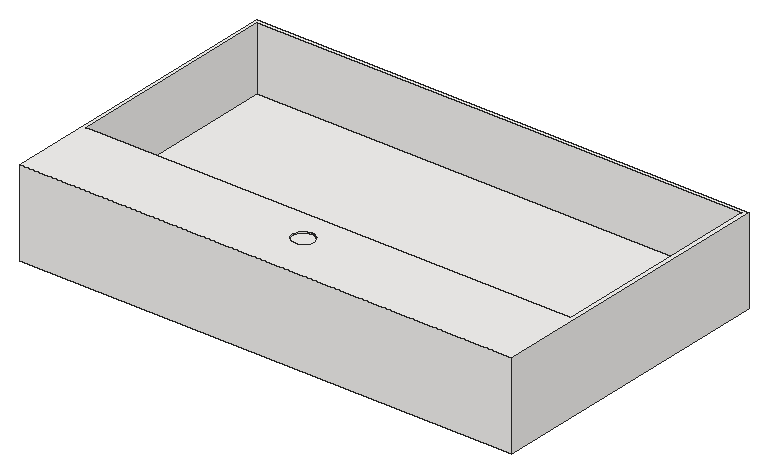
Revit family "Washbasins-hansgrohe-61096XXX-Xevolos E Washbasin 800_480 with tap hole without overflow, SmartClean", category Plumbing Fixtures, Revit 2019
Family settings
  Round Connector Dimension = Use Diameter
  Part Type = Valve - Breaks Into
  OmniClass Number = 23.31.13.00
  Work Plane-Based = No
  Always vertical = Yes
  Cut with Voids When Loaded = No
  Shared = Yes
  Room Calculation Point = No
Parameters (values of type "61096-61096450-GLOSSY_WHITE-200")
  X2 = 0
  X1 = 280
  WEIGHT = "20"
  UNSPSC = "301815 | Sanitary ware"
  UNIFORMATII = "D2010 | Plumbing Fixtures"
  UNICLASS_2015_CODE = "40_20_96"
  UNICLASS2015 = "Pr_40_20_96 | Wash basins, sinks and troughs"
  TYP = 1
  TAP = 1
  SURFACE = "GLOSSY_WHITE"
  SPECIFICATION = "Surfaces:  - 61096450 White   Specification:  • consists of: washbasin, waste set, cover  • material: ceramic  • SmartClean: dirt-repellent glaze • degree of gloss: glossy  • ceramic cover included • with one tap hole • without overflow • without shelf • non-closing waste set • 800 x 480 mm • type of installation: wall mounted  • suitable for cabinet"
  REGION = "Worldwide"
  PRODUCTURL = "https://pro.hansgrohe.com/articledetail--61096450"
  PRODUCTGROUP = "Washbasins"
  PRODUCTFAMILY = "Xevolos E"
  PERMALINK = "61096XXX"
  OMNICLASS = "23-31 13 00 | Sinks"
  OBJECTTYPE = "Object (single object)"
  NN = "Xevolos Washbasin"
  NBSYN = "$BASENUMBER.-$ARTNR.-$SURFACE.-$LODLEVEL."
  NB = "61096-61096450-GLOSSY_WHITE-200"
  NAME = "Xevolos E Washbasin 800/480 with tap hole without overflow, SmartClean"
  Model = "61096-61096450-GLOSSY_WHITE-200"
  Manufacturer = "Hansgrohe"
  MIdent = "{$CADENAS_DATA/23d-libs/hansgrohe/xevolos_washbasin/xevolos_washbasin.prj},222 {VTYP=3D},{NB=61096-61096450-GLOSSY_WHITE-200},{LINA=61096-61096450-GLOSSY_WHITE-200},{NN=Xevolos Washbasin},{DATE=13.03.2023 11:34:45},{GEOMDATE=13.03.2023 11:34:00},{VERSION=},{LINEID=760},{WBVAR=LODLEVEL},{WBNUMERIC=}  {NB=61096-61096450-GLOSSY_WHITE-200},{LINA=61096-61096450-GLOSSY_WHITE-200},{KT=DUMMY},{IDNR=9},{ARTNR=61096450},{BASENUMBER=61096},{MODEL=61096XXX},{SURFACE=GLOSSY_WHITE},{LODLEVEL=200},{LODLEVELX='400','400','200','200'},{L=800.000},{LI=560.000},{X1=280.000},{X2=0.000},{DO=46.000},{DOT=35.000},{TAP=1},{TYP=1},{NAME=Xevolos E Washbasin 800/480 with tap hole without overflow, SmartClean},{PERMALINK=61096XXX},{OBJECTTYPE=Object (single object)},{BIMOBJECT=Sanitary: Wash Basins},{PRODUCTFAMILY=Xevolos E},{PRODUCTGROUP=Washbasins},{WEIGHT=20},{DESCRIPTION=Xevolos E Washbasin 800/480 with tap hole without overflow, SmartClean},{SPECIFICATION=Surfaces:  - 61096450 White   Specification:  • consists of: washbasin, waste set, cover  • material: ceramic  • SmartClean: dirt-repellent glaze • degree of gloss: glossy  • ceramic cover included • with one tap hole • without overflow • without shelf • non-closing waste set • 800 x 480 mm • type of installation: wall mounted  • suitable for cabinet},{PRODUCTURL=https://pro.hansgrohe.com/articledetail--61096450},{GTINCODE=4059625420836},{IFC=Sanitary Terminal},{ETIM=EC011550 | Washbasin},{UNICLASS2015=Pr_40_20_96 | Wash basins, sinks and troughs},{OMNICLASS=23-31 13 00 | Sinks},{MASTERFORMAT=22 41 16.13 | Residential Lavatories},{UNSPSC=301815 | Sanitary ware},{UNIFORMATII=D2010 | Plumbing Fixtures},{REGION=Worldwide},{DESIGN=Germany},{MANUFACTURER=Germany}"
  MASTERFORMAT = "22 41 16.13 | Residential Lavatories"
  LODLEVEL = "200"
  LINA = "61096-61096450-GLOSSY_WHITE-200"
  LI = 560
  L = 800
  IFC = "Sanitary Terminal"
  GTINCODE = "4059625420836"
  ETIM = "EC011550 | Washbasin"
  DOT = 35
  DO = 46
  DESIGN = "Germany"
  CNSPipeRound/cp_Befestigungsanschluss_V = no
  CNSPipeRound/cp_Ausgang_1_V = no
  CATALOG = "Hansgrohe"
  BIMOBJECT = "Sanitary: Wash Basins"
  BASENUMBER = "61096"
  ARTNR = "61096450"
  61096-61096450-GLOSSY_WHITE-400_RX0RY0RZ0TX0TY0TZ0_V = no
  61096-61096450-GLOSSY_WHITE-200_RX0RY0RZ0TX0TY0TZ0_V = yes
Types (3, lengths in mm): name | NB | Model | MIdent | LODLEVEL | LINA | 61096-61096450-GLOSSY_WHITE-400_RX0RY0RZ0TX0TY0TZ0_V | 61096-61096450-GLOSSY_WHITE-200_RX0RY0RZ0TX0TY0TZ0_V
  (no name) | "61096-61096450-GLOSSY_WHITE-400" | "61096-61096450-GLOSSY_WHITE-400" | "{$CADENAS_DATA/23d-libs/hansgrohe/xevolos_washbasin/xevolos_washbasin.prj},222 {VTYP=3D},{NB=61096-61096450-GLOSSY_WHITE-400},{LINA=61096-61096450-GLOSSY_WHITE-400},{NN=Xevolos Washbasin},{DATE=13.03.2023 11:34:45},{GEOMDATE=13.03.2023 11:34:00},{VERSION=},{LINEID=760},{WBVAR=LODLEVEL},{WBNUMERIC=}  {NB=61096-61096450-GLOSSY_WHITE-400},{LINA=61096-61096450-GLOSSY_WHITE-400},{KT=DUMMY},{IDNR=9},{ARTNR=61096450},{BASENUMBER=61096},{MODEL=61096XXX},{SURFACE=GLOSSY_WHITE},{LODLEVEL=400},{LODLEVELX='400','400','200','200'},{L=800.000},{LI=560.000},{X1=280.000},{X2=0.000},{DO=46.000},{DOT=35.000},{TAP=1},{TYP=1},{NAME=Xevolos E Washbasin 800/480 with tap hole without overflow, SmartClean},{PERMALINK=61096XXX},{OBJECTTYPE=Object (single object)},{BIMOBJECT=Sanitary: Wash Basins},{PRODUCTFAMILY=Xevolos E},{PRODUCTGROUP=Washbasins},{WEIGHT=20},{DESCRIPTION=Xevolos E Washbasin 800/480 with tap hole without overflow, SmartClean},{SPECIFICATION=Surfaces:  - 61096450 White   Specification:  • consists of: washbasin, waste set, cover  • material: ceramic  • SmartClean: dirt-repellent glaze • degree of gloss: glossy  • ceramic cover included • with one tap hole • without overflow • without shelf • non-closing waste set • 800 x 480 mm • type of installation: wall mounted  • suitable for cabinet},{PRODUCTURL=https://pro.hansgrohe.com/articledetail--61096450},{GTINCODE=4059625420836},{IFC=Sanitary Terminal},{ETIM=EC011550 | Washbasin},{UNICLASS2015=Pr_40_20_96 | Wash basins, sinks and troughs},{OMNICLASS=23-31 13 00 | Sinks},{MASTERFORMAT=22 41 16.13 | Residential Lavatories},{UNSPSC=301815 | Sanitary ware},{UNIFORMATII=D2010 | Plumbing Fixtures},{REGION=Worldwide},{DESIGN=Germany},{MANUFACTURER=Germany}" | "400" | "61096-61096450-GLOSSY_WHITE-400" | yes | yes
  61096-61096450-GLOSSY_WHITE-200 | "61096-61096450-GLOSSY_WHITE-200" | "61096-61096450-GLOSSY_WHITE-200" | "{$CADENAS_DATA/23d-libs/hansgrohe/xevolos_washbasin/xevolos_washbasin.prj},222 {VTYP=3D},{NB=61096-61096450-GLOSSY_WHITE-200},{LINA=61096-61096450-GLOSSY_WHITE-200},{NN=Xevolos Washbasin},{DATE=13.03.2023 11:34:45},{GEOMDATE=13.03.2023 11:34:00},{VERSION=},{LINEID=760},{WBVAR=LODLEVEL},{WBNUMERIC=}  {NB=61096-61096450-GLOSSY_WHITE-200},{LINA=61096-61096450-GLOSSY_WHITE-200},{KT=DUMMY},{IDNR=9},{ARTNR=61096450},{BASENUMBER=61096},{MODEL=61096XXX},{SURFACE=GLOSSY_WHITE},{LODLEVEL=200},{LODLEVELX='400','400','200','200'},{L=800.000},{LI=560.000},{X1=280.000},{X2=0.000},{DO=46.000},{DOT=35.000},{TAP=1},{TYP=1},{NAME=Xevolos E Washbasin 800/480 with tap hole without overflow, SmartClean},{PERMALINK=61096XXX},{OBJECTTYPE=Object (single object)},{BIMOBJECT=Sanitary: Wash Basins},{PRODUCTFAMILY=Xevolos E},{PRODUCTGROUP=Washbasins},{WEIGHT=20},{DESCRIPTION=Xevolos E Washbasin 800/480 with tap hole without overflow, SmartClean},{SPECIFICATION=Surfaces:  - 61096450 White   Specification:  • consists of: washbasin, waste set, cover  • material: ceramic  • SmartClean: dirt-repellent glaze • degree of gloss: glossy  • ceramic cover included • with one tap hole • without overflow • without shelf • non-closing waste set • 800 x 480 mm • type of installation: wall mounted  • suitable for cabinet},{PRODUCTURL=https://pro.hansgrohe.com/articledetail--61096450},{GTINCODE=4059625420836},{IFC=Sanitary Terminal},{ETIM=EC011550 | Washbasin},{UNICLASS2015=Pr_40_20_96 | Wash basins, sinks and troughs},{OMNICLASS=23-31 13 00 | Sinks},{MASTERFORMAT=22 41 16.13 | Residential Lavatories},{UNSPSC=301815 | Sanitary ware},{UNIFORMATII=D2010 | Plumbing Fixtures},{REGION=Worldwide},{DESIGN=Germany},{MANUFACTURER=Germany}" | "200" | "61096-61096450-GLOSSY_WHITE-200" | no | yes
  61096-61096450-GLOSSY_WHITE-400 | "61096-61096450-GLOSSY_WHITE-400" | "61096-61096450-GLOSSY_WHITE-400" | "{$CADENAS_DATA/23d-libs/hansgrohe/xevolos_washbasin/xevolos_washbasin.prj},222 {VTYP=3D},{NB=61096-61096450-GLOSSY_WHITE-400},{LINA=61096-61096450-GLOSSY_WHITE-400},{NN=Xevolos Washbasin},{DATE=13.03.2023 11:34:45},{GEOMDATE=13.03.2023 11:34:00},{VERSION=},{LINEID=760},{WBVAR=LODLEVEL},{WBNUMERIC=}  {NB=61096-61096450-GLOSSY_WHITE-400},{LINA=61096-61096450-GLOSSY_WHITE-400},{KT=DUMMY},{IDNR=9},{ARTNR=61096450},{BASENUMBER=61096},{MODEL=61096XXX},{SURFACE=GLOSSY_WHITE},{LODLEVEL=400},{LODLEVELX='400','400','200','200'},{L=800.000},{LI=560.000},{X1=280.000},{X2=0.000},{DO=46.000},{DOT=35.000},{TAP=1},{TYP=1},{NAME=Xevolos E Washbasin 800/480 with tap hole without overflow, SmartClean},{PERMALINK=61096XXX},{OBJECTTYPE=Object (single object)},{BIMOBJECT=Sanitary: Wash Basins},{PRODUCTFAMILY=Xevolos E},{PRODUCTGROUP=Washbasins},{WEIGHT=20},{DESCRIPTION=Xevolos E Washbasin 800/480 with tap hole without overflow, SmartClean},{SPECIFICATION=Surfaces:  - 61096450 White   Specification:  • consists of: washbasin, waste set, cover  • material: ceramic  • SmartClean: dirt-repellent glaze • degree of gloss: glossy  • ceramic cover included • with one tap hole • without overflow • without shelf • non-closing waste set • 800 x 480 mm • type of installation: wall mounted  • suitable for cabinet},{PRODUCTURL=https://pro.hansgrohe.com/articledetail--61096450},{GTINCODE=4059625420836},{IFC=Sanitary Terminal},{ETIM=EC011550 | Washbasin},{UNICLASS2015=Pr_40_20_96 | Wash basins, sinks and troughs},{OMNICLASS=23-31 13 00 | Sinks},{MASTERFORMAT=22 41 16.13 | Residential Lavatories},{UNSPSC=301815 | Sanitary ware},{UNIFORMATII=D2010 | Plumbing Fixtures},{REGION=Worldwide},{DESIGN=Germany},{MANUFACTURER=Germany}" | "400" | "61096-61096450-GLOSSY_WHITE-400" | yes | no
Reference planes
  plane 1 "Center (Front/Back)": y = 0
  plane 2: z = 0
  plane 3 "Center (Left/Right)": x = 0
Dimensions and locks
  aligned and locked: level to plane 2
Nested families
  nested 1: "61096-61096450-glossy_white-200_content" at (0, 0, 0), visible <- "61096-61096450-GLOSSY_WHITE-200_RX0RY0RZ0TX0TY0TZ0_V", ContentVisible <- "61096-61096450-GLOSSY_WHITE-200_RX0RY0RZ0TX0TY0TZ0_V", type "61096-61096450-GLOSSY_WHITE-200_Content"
    with ContentVisible yes
  nested 2: "61096-61096450-glossy_white-400_content" at (0, 0, 0), visible <- "61096-61096450-GLOSSY_WHITE-400_RX0RY0RZ0TX0TY0TZ0_V", ContentVisible <- "61096-61096450-GLOSSY_WHITE-400_RX0RY0RZ0TX0TY0TZ0_V", type "61096-61096450-GLOSSY_WHITE-400_Content"
    with ContentVisible no
  nested 3: "ConnectorHost2019" at (0, -220, 0), visible <- "CNSPipeRound/cp_Ausgang_1_V", type "ConnectorHost2019"
    with Visible no, TransZ 0 mm, TransY 220 mm, TransX 0 mm, ScaleZ 1 mm, ScaleY 1 mm, ScaleX 1 mm, RotZ 180.00°, RotY 360.00°, RotX 180.00°
  nested 4: "ConnectorHost2019" at (-1, -220, 0), visible <- "CNSPipeRound/cp_Befestigungsanschluss_V", type "ConnectorHost2019"
    with Visible no, TransZ 147 mm, TransY 0 mm, TransX 1 mm, ScaleZ 1 mm, ScaleY 1 mm, ScaleX 1 mm, RotZ 180.00°, RotY 360.00°, RotX 360.00°
Connectors
  piping at (0, 0, 0), diameter 46
    settings: on nested 3, index 1, connector inside diameter 609.6 mm, connector length 0 mm, flow factor 0, pipe flow 0.0 L/s, pressure drop 0.0 Pa, fitting loss kfactor 0, connector angle 0.00°, fixture units 0, engagement length 0 mm, angle of deflection 0.00°, flow configuration 0, flow direction 2, fitting loss method 0, system type 29, joint type 0, gender type 0, connector reference index -1, connector utility 0, adjustable connector no, is connector primary yes, connector description ""
  piping at (0, -220, 147), diameter 35
    settings: on nested 4, index 2, connector inside diameter 609.6 mm, connector length 0 mm, flow factor 0, pipe flow 0.0 L/s, pressure drop 0.0 Pa, fitting loss kfactor 0, connector angle 0.00°, fixture units 0, engagement length 0 mm, angle of deflection 0.00°, flow configuration 0, flow direction 2, fitting loss method 0, system type 29, joint type 0, gender type 0, connector reference index -1, connector utility 0, adjustable connector no, is connector primary no, connector description ""
Definition of nested family "61096-61096450-glossy_white-200_content"
  Parameters (values of type "61096-61096450-GLOSSY_WHITE-200_Content")
    X2 = 0
    X1 = 280
    WEIGHT = "20"
    UNSPSC = "301815 | Sanitary ware"
    UNIFORMATII = "D2010 | Plumbing Fixtures"
    UNICLASS_2015_CODE = "40_20_96"
    UNICLASS2015 = "Pr_40_20_96 | Wash basins, sinks and troughs"
    TYP = 1
    TAP = 1
    SURFACE = "GLOSSY_WHITE"
    SPECIFICATION = "Surfaces:  - 61096450 White   Specification:  • consists of: washbasin, waste set, cover  • material: ceramic  • SmartClean: dirt-repellent glaze • degree of gloss: glossy  • ceramic cover included • with one tap hole • without overflow • without shelf • non-closing waste set • 800 x 480 mm • type of installation: wall mounted  • suitable for cabinet"
    REGION = "Worldwide"
    PRODUCTURL = "https://pro.hansgrohe.com/articledetail--61096450"
    PRODUCTGROUP = "Washbasins"
    PRODUCTFAMILY = "Xevolos E"
    PERMALINK = "61096XXX"
    OMNICLASS = "23-31 13 00 | Sinks"
    OBJECTTYPE = "Object (single object)"
    NN = "Xevolos Washbasin"
    NBSYN = "$BASENUMBER.-$ARTNR.-$SURFACE.-$LODLEVEL."
    NB = "61096-61096450-GLOSSY_WHITE-200"
    NAME = "Xevolos E Washbasin 800/480 with tap hole without overflow, SmartClean"
    Model = "61096-61096450-GLOSSY_WHITE-200"
    Manufacturer = "Hansgrohe"
    MASTERFORMAT = "22 41 16.13 | Residential Lavatories"
    LODLEVEL = "200"
    LINA = "61096-61096450-GLOSSY_WHITE-200"
    LI = 560
    L = 800
    IFC = "Sanitary Terminal"
    GTINCODE = "4059625420836"
    ETIM = "EC011550 | Washbasin"
    Default Elevation = 1219.2 mm
    DOT = 35
    DO = 46
    DESIGN = "Germany"
    ContentVisible [instance] = yes
    CATALOG = "Hansgrohe"
    BIMOBJECT = "Sanitary: Wash Basins"
    BASENUMBER = "61096"
    ARTNR = "61096450"
  Reference planes
    plane 1 "Center (Front/Back)": y = 0
    plane 2: z = 0
    plane 3 "Center (Left/Right)": x = 0
  Forms (mm)
    Extrusion 1, solid, visible <- "ContentVisible", detail levels medium+fine
      sketch origin (0, -295, 147) x (-1, 0, 0) y (0, -1, 0)
        loop
          line (-400, -480) -> (400, -480) -> (400, 0) -> (-400, 0) -> (-400, -480)
      from -140 to 0
    Extrusion 2, void, detail levels medium+fine
      sketch origin (0, -295, 147) x (-1, 0, 0) y (0, -1, 0)
        loop
          line (-394, -126) -> (-394, -474) -> (394, -474) -> (394, -126) -> (-394, -126)
      from -102.5 to 0
    Extrusion 3, void, detail levels medium+fine
      sketch origin (0, -295, 147) x (-1, 0, 0) y (0, -1, 0)
        loop
          circle (0, -75) r 17.5
      from -1.5 to 1.5
    Extrusion 4, solid, visible <- "ContentVisible", detail levels medium+fine
      sketch origin (0, -295, 7) x (-1, 0, 0) y (0, -1, 0)
        loop
          circle (0, -295) r 34
      from -10 to 0
    Extrusion 5, solid, visible <- "ContentVisible", detail levels coarse
      sketch origin (0, -55, -3) x (1, 0, 0) y (0, 1, 0)
        loop
          line (-400, -240) -> (400, -240) -> (400, 240) -> (-400, 240) -> (-400, -240)
      from 0 to 150
  Cuts and joins
    Extrusion 2, Extrusion 3 cuts Extrusion 1
  Dimensions and locks
    aligned and locked: level to plane 2
Definition of nested family "61096-61096450-glossy_white-400_content"
  Parameters (values of type "61096-61096450-GLOSSY_WHITE-400_Content")
    X2 = 0
    X1 = 280
    WEIGHT = "20"
    UNSPSC = "301815 | Sanitary ware"
    UNIFORMATII = "D2010 | Plumbing Fixtures"
    UNICLASS_2015_CODE = "40_20_96"
    UNICLASS2015 = "Pr_40_20_96 | Wash basins, sinks and troughs"
    TYP = 1
    TAP = 1
    SURFACE = "GLOSSY_WHITE"
    SPECIFICATION = "Surfaces:  - 61096450 White   Specification:  • consists of: washbasin, waste set, cover  • material: ceramic  • SmartClean: dirt-repellent glaze • degree of gloss: glossy  • ceramic cover included • with one tap hole • without overflow • without shelf • non-closing waste set • 800 x 480 mm • type of installation: wall mounted  • suitable for cabinet"
    REGION = "Worldwide"
    PRODUCTURL = "https://pro.hansgrohe.com/articledetail--61096450"
    PRODUCTGROUP = "Washbasins"
    PRODUCTFAMILY = "Xevolos E"
    PERMALINK = "61096XXX"
    OMNICLASS = "23-31 13 00 | Sinks"
    OBJECTTYPE = "Object (single object)"
    NN = "Xevolos Washbasin"
    NBSYN = "$BASENUMBER.-$ARTNR.-$SURFACE.-$LODLEVEL."
    NB = "61096-61096450-GLOSSY_WHITE-400"
    NAME = "Xevolos E Washbasin 800/480 with tap hole without overflow, SmartClean"
    Model = "61096-61096450-GLOSSY_WHITE-400"
    Manufacturer = "Hansgrohe"
    MASTERFORMAT = "22 41 16.13 | Residential Lavatories"
    LODLEVEL = "400"
    LINA = "61096-61096450-GLOSSY_WHITE-400"
    LI = 560
    L = 800
    IFC = "Sanitary Terminal"
    GTINCODE = "4059625420836"
    ETIM = "EC011550 | Washbasin"
    Default Elevation = 1219.2 mm
    DOT = 35
    DO = 46
    DESIGN = "Germany"
    ContentVisible [instance] = yes
    CATALOG = "Hansgrohe"
    BIMOBJECT = "Sanitary: Wash Basins"
    BASENUMBER = "61096"
    ARTNR = "61096450"
  Reference planes
    plane 1 "Center (Front/Back)": y = 0
    plane 2: z = 0
    plane 3 "Center (Left/Right)": x = 0
  Forms (mm)
    Extrusion 1, solid, visible <- "ContentVisible", detail levels medium+fine
      sketch origin (0, -295, 7) x (0, 0, -1) y (0, -1, 0)
        loop
          line (-140, -474) -> (-121, -474) -> (-62.906, -440.46)
          arc (-62.906, -440.46) -> (-37.353, -414.906) -> (-28, -380) r 69.813
          line (-28, -380) -> (-37.5, -380)
          arc (-37.5, -380) -> (-45.58, -410.156) -> (-67.656, -432.232) r 60.313
          line (-67.656, -432.232) -> (-140, -474)
      from -295 to 295
    Revolve 2, solid, visible <- "ContentVisible", detail levels medium+fine
      sketch origin (-295, -295, 7) x (0, 0, -1) y (0, -1, 0)
        loop
          line (-140, -474) -> (-121, -474) -> (-62.906, -440.46)
          arc (-62.906, -440.46) -> (-37.353, -414.906) -> (-28, -380) r 69.813
          line (-28, -380) -> (-37.5, -380)
          arc (-37.5, -380) -> (-45.58, -410.156) -> (-67.656, -432.232) r 60.313
          line (-67.656, -432.232) -> (-140, -474)
        axis (-140, -375) -> (-28, -375)
      angle from -90 to 0
    Extrusion 3, solid, visible <- "ContentVisible", detail levels medium+fine
      sketch origin (0, -70, 7) x (-1, 0, 0) y (0, 0, -1)
        loop
          line (300, -28) -> (300, -37.5)
          arc (300, -37.5) -> (330.156, -45.58) -> (352.232, -67.656) r 60.313
          line (352.232, -67.656) -> (394, -140) -> (394, -121) -> (360.46, -62.906)
          arc (360.46, -62.906) -> (334.906, -37.353) -> (300, -28) r 69.813
      from -150 to 0
    Revolve 4, solid, visible <- "ContentVisible", detail levels medium+fine
      sketch origin (-295, -295, 7) x (0, 0, -1) y (0, -1, 0)
        loop
          line (-140, -126) -> (-67.656, -167.768)
          arc (-67.656, -167.768) -> (-45.58, -189.844) -> (-37.5, -220) r 60.313
          line (-37.5, -220) -> (-28, -220)
          arc (-28, -220) -> (-37.353, -185.094) -> (-62.906, -159.54) r 69.813
          line (-62.906, -159.54) -> (-121, -126) -> (-140, -126)
        axis (-28, -225) -> (-140, -225)
      angle from -90 to 0
    Extrusion 5, solid, visible <- "ContentVisible", detail levels medium+fine
      sketch origin (0, -295, 7) x (0, 0, -1) y (0, -1, 0)
        loop
          line (-140, -126) -> (-67.656, -167.768)
          arc (-67.656, -167.768) -> (-45.58, -189.844) -> (-37.5, -220) r 60.313
          line (-37.5, -220) -> (-28, -220)
          arc (-28, -220) -> (-37.353, -185.094) -> (-62.906, -159.54) r 69.813
          line (-62.906, -159.54) -> (-121, -126) -> (-140, -126)
      from -295 to 295
    Revolve 6, solid, visible <- "ContentVisible", detail levels medium+fine
      sketch origin (295, -295, 7) x (0, 0, -1) y (0, -1, 0)
        loop
          line (-140, -126) -> (-67.656, -167.768)
          arc (-67.656, -167.768) -> (-45.58, -189.844) -> (-37.5, -220) r 60.313
          line (-37.5, -220) -> (-28, -220)
          arc (-28, -220) -> (-37.353, -185.094) -> (-62.906, -159.54) r 69.813
          line (-62.906, -159.54) -> (-121, -126) -> (-140, -126)
        axis (-28, -225) -> (-140, -225)
      angle from 0 to 90
    Extrusion 7, solid, visible <- "ContentVisible", detail levels medium+fine
      sketch origin (0, -70, 7) x (-1, 0, 0) y (0, 0, -1)
        loop
          line (-394, -121) -> (-394, -140) -> (-352.232, -67.656)
          arc (-352.232, -67.656) -> (-330.156, -45.58) -> (-300, -37.5) r 60.313
          line (-300, -37.5) -> (-300, -28)
          arc (-300, -28) -> (-334.906, -37.353) -> (-360.46, -62.906) r 69.813
          line (-360.46, -62.906) -> (-394, -121)
      from -150 to 0
    Revolve 8, solid, visible <- "ContentVisible", detail levels medium+fine
      sketch origin (295, -295, 7) x (0, 0, -1) y (0, -1, 0)
        loop
          line (-140, -474) -> (-121, -474) -> (-62.906, -440.46)
          arc (-62.906, -440.46) -> (-37.353, -414.906) -> (-28, -380) r 69.813
          line (-28, -380) -> (-37.5, -380)
          arc (-37.5, -380) -> (-45.58, -410.156) -> (-67.656, -432.232) r 60.313
          line (-67.656, -432.232) -> (-140, -474)
        axis (-140, -375) -> (-28, -375)
      angle from 0 to 90
    Extrusion 9, solid, visible <- "ContentVisible", detail levels medium+fine
      sketch origin (0, -295, 35) x (-1, 0, 0) y (0, -1, 0)
        loop
          line (-300, -225) -> (-300, -375)
          arc (-300, -375) -> (-298.536, -378.536) -> (-295, -380) r 5
          line (-295, -380) -> (295, -380)
          arc (295, -380) -> (298.536, -378.536) -> (300, -375) r 5
          line (300, -375) -> (300, -225)
          arc (300, -225) -> (298.536, -221.464) -> (295, -220) r 5
          line (295, -220) -> (-295, -220)
          arc (-295, -220) -> (-298.536, -221.464) -> (-300, -225) r 5
        loop
          line (-60, -252.5) -> (-60, -337.5) -> (60, -337.5) -> (60, -252.5) -> (-60, -252.5)
      from 0 to 9.5
    Extrusion 10, solid, visible <- "ContentVisible", detail levels medium+fine
      sketch origin (0, -295, 147) x (-1, 0, 0) y (0, -1, 0)
        loop
          line (-400, -480) -> (400, -480) -> (400, 0) -> (-400, 0) -> (-400, -480)
        loop
          line (-394, -226) -> (-394, -374)
          arc (-394, -374) -> (-364.711, -444.711) -> (-294, -474) r 100
          line (-294, -474) -> (294, -474)
          arc (294, -474) -> (364.711, -444.711) -> (394, -374) r 100
          line (394, -374) -> (394, -226)
          arc (394, -226) -> (364.711, -155.289) -> (294, -126) r 100
          line (294, -126) -> (-294, -126)
          arc (-294, -126) -> (-364.711, -155.289) -> (-394, -226) r 100
      from -13 to 0
    Extrusion 11, solid, visible <- "ContentVisible", detail levels medium+fine
      sketch origin (0, -295, 134) x (-1, 0, 0) y (0, -1, 0)
        loop
          line (-400, -480) -> (400, -480) -> (400, 0) -> (390, 0) -> (390, -470) -> (-390, -470) -> (-390, 0) -> (-400, 0) -> (-400, -480)
      from -127 to 0
    Extrusion 12, solid, visible <- "ContentVisible", detail levels medium+fine
      sketch origin (0, -295, 17) x (-1, 0, 0) y (0, -1, 0)
        loop
          line (-390, -35) -> (-390, -470) -> (390, -470) -> (390, -35) -> (350, -35) -> (350, -380)
          arc (350, -380) -> (335.355, -415.355) -> (300, -430) r 50
          line (300, -430) -> (-300, -430)
          arc (-300, -430) -> (-335.355, -415.355) -> (-350, -380) r 50
          line (-350, -380) -> (-350, -35) -> (-390, -35)
      from 0 to 50
    Extrusion 13, solid, visible <- "ContentVisible", detail levels medium+fine
      sketch origin (0, -295, 7) x (-1, 0, 0) y (0, 0, -1)
        loop
          line (-390, -10) -> (-390, -127) -> (390, -127) -> (390, -10) -> (65, -10) -> (59.568, -21.649)
          arc (59.568, -21.649) -> (55.509, -26.277) -> (49.599, -28) r 11
          line (49.599, -28) -> (-49.599, -28)
          arc (-49.599, -28) -> (-55.509, -26.277) -> (-59.568, -21.649) r 11
          line (-59.568, -21.649) -> (-65, -10) -> (-390, -10)
      from -35 to 0
    Extrusion 14, solid, visible <- "ContentVisible", detail levels medium+fine
      sketch origin (-280, -295, 7) x (0, 0, -1) y (0, -1, 0)
        loop
          line (-127, -35) -> (-127, -127.732) -> (-65.156, -163.437)
          arc (-65.156, -163.437) -> (-41.25, -187.344) -> (-32.5, -220) r 65.313
          line (-32.5, -220) -> (-32.5, -380)
          arc (-32.5, -380) -> (-39.303, -409.023) -> (-58.294, -432) r 65.313
          line (-58.294, -432) -> (-30.544, -432) -> (-10, -40) -> (-10, -35) -> (-127, -35)
      from 0 to 80
    Extrusion 15, solid, visible <- "ContentVisible", detail levels medium+fine
      sketch origin (280, -295, 7) x (0, 0, -1) y (0, -1, 0)
        loop
          line (-127, -35) -> (-127, -127.732) -> (-65.156, -163.437)
          arc (-65.156, -163.437) -> (-41.25, -187.344) -> (-32.5, -220) r 65.313
          line (-32.5, -220) -> (-32.5, -380)
          arc (-32.5, -380) -> (-39.303, -409.023) -> (-58.294, -432) r 65.313
          line (-58.294, -432) -> (-30.544, -432) -> (-10, -40) -> (-10, -35) -> (-127, -35)
      from -80 to 0
    Extrusion 16, solid, visible <- "ContentVisible", detail levels medium+fine
      sketch origin (0, -295, 17) x (-1, 0, 0) y (0, -1, 0)
        loop
          line (-72, -261.5) -> (-72, -328.5)
          arc (-72, -328.5) -> (-65.703, -343.703) -> (-50.5, -350) r 21.5
          line (-50.5, -350) -> (50.5, -350)
          arc (50.5, -350) -> (65.703, -343.703) -> (72, -328.5) r 21.5
          line (72, -328.5) -> (72, -261.5)
          arc (72, -261.5) -> (65.703, -246.297) -> (50.5, -240) r 21.5
          line (50.5, -240) -> (-50.5, -240)
          arc (-50.5, -240) -> (-65.703, -246.297) -> (-72, -261.5) r 21.5
      from 0 to 18
    Revolve 17, solid, visible <- "ContentVisible", detail levels medium+fine
      sketch origin (0, 0, 7) x (-1, 0, 0) y (0, 0, -1)
        loop
          line (23, -4.5) -> (42.5, -27.441) -> (42.5, -10) -> (34, 0) -> (34, 7) -> (23, 7) -> (23, -4.5)
        axis (0, -27.441) -> (0, 7)
      angle from -360 to 0
    Extrusion 18, solid, visible <- "ContentVisible", detail levels medium+fine
      sketch origin (0, -295, -3) x (-1, 0, 0) y (0, -1, 0)
        loop
          circle (0, -295) r 7.5
      from 0 to 41
    Extrusion 19, solid, visible <- "ContentVisible", detail levels medium+fine
      sketch origin (0, -295, 38) x (-1, 0, 0) y (0, -1, 0)
        loop
          circle (0, -295) r 32.5
      from 0 to 2
    Extrusion 20, solid, visible <- "ContentVisible", detail levels medium+fine
      sketch origin (0, 0, 7) x (-1, 0, 0) y (0, 0, -1)
        loop
          arc (-54.85, -33) -> (-57.5, -35.65) -> (-54.85, -38.3) r 2.65
          arc (-54.85, -38.3) -> (0, -43.036) -> (54.85, -38.3) r 320
          arc (54.85, -38.3) -> (57.5, -35.65) -> (54.85, -33) r 2.65
          line (54.85, -33) -> (-54.85, -33)
      from -40 to 40
    Extrusion 21, void, detail levels medium+fine
      sketch origin (0, -295, 133) x (-1, 0, 0) y (0, -1, 0)
        loop
          circle (0, -75) r 17.5
      from 0 to 15
    Extrusion 22, void, detail levels medium+fine
      sketch origin (0, -295, 7) x (-1, 0, 0) y (0, 0, -1)
        loop
          circle (140, -83) r 8
      from -30 to 30
    Extrusion 23, void, detail levels medium+fine
      sketch origin (0, -295, 7) x (-1, 0, 0) y (0, 0, -1)
        loop
          circle (-140, -83) r 8
      from -30 to 30
    Extrusion 24, solid, visible <- "ContentVisible", detail levels coarse
      sketch origin (0, -55, -3) x (1, 0, 0) y (0, 1, 0)
        loop
          line (-400, -240) -> (400, -240) -> (400, 240) -> (-400, 240) -> (-400, -240)
      from 0 to 150
  Cuts and joins
    Extrusion 21, Extrusion 22, Extrusion 23 cuts Extrusion 1
    Extrusion 21, Extrusion 22, Extrusion 23 cuts Revolve 2
    Extrusion 21, Extrusion 22, Extrusion 23 cuts Extrusion 3
    Extrusion 21, Extrusion 22, Extrusion 23 cuts Revolve 4
    Extrusion 21, Extrusion 22, Extrusion 23 cuts Extrusion 5
    Extrusion 21, Extrusion 22, Extrusion 23 cuts Revolve 6
    Extrusion 21, Extrusion 22, Extrusion 23 cuts Extrusion 7
    Extrusion 21, Extrusion 22, Extrusion 23 cuts Revolve 8
    Extrusion 21, Extrusion 22, Extrusion 23 cuts Extrusion 9
    Extrusion 21, Extrusion 22, Extrusion 23 cuts Extrusion 10
    Extrusion 21, Extrusion 22, Extrusion 23 cuts Extrusion 11
    Extrusion 21, Extrusion 22, Extrusion 23 cuts Extrusion 12
    Extrusion 21, Extrusion 22, Extrusion 23 cuts Extrusion 13
    Extrusion 21, Extrusion 22, Extrusion 23 cuts Extrusion 14
    Extrusion 21, Extrusion 22, Extrusion 23 cuts Extrusion 15
    Extrusion 21, Extrusion 22, Extrusion 23 cuts Extrusion 16
    Extrusion 21, Extrusion 22, Extrusion 23 cuts Revolve 17
    Extrusion 21, Extrusion 22, Extrusion 23 cuts Extrusion 18
    Extrusion 21, Extrusion 22, Extrusion 23 cuts Extrusion 19
    Extrusion 21, Extrusion 22, Extrusion 23 cuts Extrusion 20
  Dimensions and locks
    aligned and locked: level to plane 2
